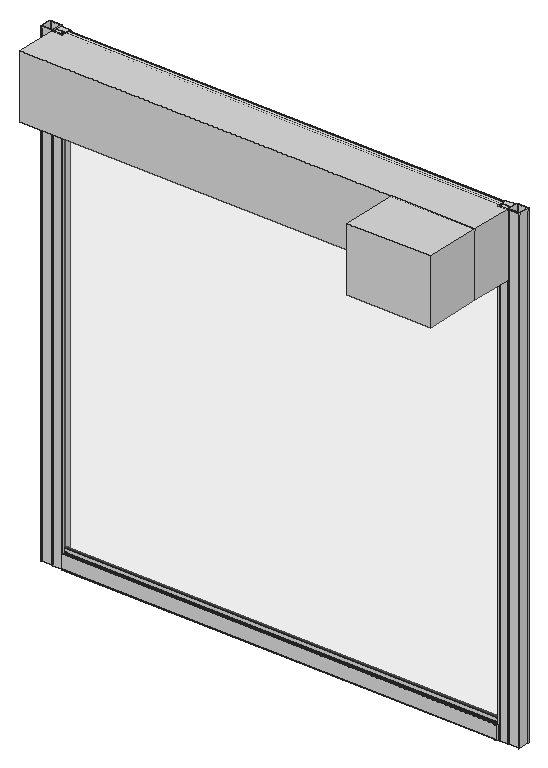
Revit family "Door-Sentry-Gate_BetweenJambMount_CornellIron", category Doors, host Wall, Revit 2013
Parameters (values of type "Motor Operated, Aluminium (Anodized Finish)")
  Revit Object Download Link = "http://cornellcookson.smartbim.com/download/Door_Sentry-Gate_BetweenJambMount_CornellIron"
  Push Up = no
  Product Options = "SG3 model ESG20, when countertop or compact components are desired. Black or white matte curtain components."  # constant formula
  Operator Width = Width + 0' 1 1/2" * 2  # 10' - 3"
  Mounting = "Between Jambs"  # constant formula
  Motor = yes
  Hand Crank = no
  URL Specifications = "http://www.cornelliron.com/docs/default-source/Specifications/specification-sentrygate-3-rolling-security-grilles-edited.docx?sfvrsn=3"
  URL Photographs = "http://www.cornelliron.com/inspiration-customization/project-gallery"
  URL CAD = "http://www.cornelliron.com/architect-tools-and-resources/drawing-generator"
  URL = "http://www.cornelliron.com/sentrygate.html"
  Subcategory = "Overhead Doors"  # constant formula
  Sizing Disclaimer = "Openings up to 21’ wide x 10’ high standard construction. Smaller / countertop SentryGate 3 model also available."  # constant formula
  Function = Interior
  Curtain - Rods 2" OC Standard = "Injection molded components with continuous metal rods spaced every two inches."  # constant formula
  Bottom Bar = Aluminum, anodized finish (non-curtain components)
  Guides = Aluminum, anodized finish (non-curtain components)
  Hood = Aluminum, anodized finish (non-curtain components)
  Optional aluminum, color anodized finish = no
  Operator = Operator : Motor Operated
  Representatives Disclaimer = "Cornell products are sold and installed through a nationwide network of independent distributors."  # constant formula
  Operation = ""
  From Coil Side Operate on Right = yes
  From Coil Side Operate on Left = not(From Coil Side Operate on Right)  # no
  Model = "ESG21"  # constant formula
  Manufacturer = "Cornell Iron Works"  # constant formula
  LEED Information = "http://www.cornelliron.com/architect-tools-and-resources/leed-information"
  Height = 10' - 0"
  Wall Closure = By host
  Width = 10' - 0"
  Distributor Locator = "http://www.cornelliron.com/contact-us"
  Description = "Grille product with unique, injection molded components and continuous metal rods. "  # constant formula
  Wall Construction = "Drywall, wood, masonry, steel"  # constant formula
  Coil Dimension Note = "11” to 14” - Consult Cornell when dimensions are critical."  # constant formula
  Crank Height = Height / 1.5  # 6' - 8"
  Assembly Code = "B2030410"
  95 CSI = "08330"  # constant formula
  Jamb Dimension Note = "5 1/2” to 6 1/2” wide. Consult Cornell when dimensions are critical."  # constant formula
  04 CSI = "08 33 00"  # constant formula
  Cost Note = "Based on size, materials selected. Consult Cornell."  # constant formula
Types (6): name | Push Up | Motor | Hand Crank | Bottom Bar | Guides | Hood | Operator | From Coil Side Operate on Right | From Coil Side Operate on Left
  Motor Operated, Aluminium (Anodized Finish) | no | yes | no | Aluminum, anodized finish (non-curtain components) | Aluminum, anodized finish (non-curtain components) | Aluminum, anodized finish (non-curtain components) | Operator : Motor Operated | yes | no
  Hand-Crank Operated, Aluminium (Anodized Finish) | no | no | yes | Aluminum, anodized finish (non-curtain components) | Aluminum, anodized finish (non-curtain components) | Aluminum, anodized finish (non-curtain components) | Operator : Hand-Crank | yes | no
  Push-Up Operated, Aluminium (Anodized Finish) | yes | no | no | Aluminum, anodized finish (non-curtain components) | Aluminum, anodized finish (non-curtain components) | Aluminum, anodized finish (non-curtain components) | Operator : Push-UP | yes | no
  Hand-Crank Operated, Aluminium (Mill Finish) | no | no | yes | Aluminum, mill finish (non curtain components) | Aluminum, mill finish (non curtain components) | Aluminum, mill finish (non curtain components) | Operator : Hand-Crank | no | yes
  Motor Operated, Aluminium (Mill Finish) | no | yes | no | Aluminum, mill finish (non curtain components) | Aluminum, mill finish (non curtain components) | Aluminum, mill finish (non curtain components) | Operator : Motor Operated | yes | no
  Push-Up Operated, Aluminium (Mill Finish) | yes | no | no | Aluminum, mill finish (non curtain components) | Aluminum, mill finish (non curtain components) | Aluminum, mill finish (non curtain components) | Operator : Push-UP | yes | no
Reference planes (in)
  plane 1 "Center (Front/Back)": y = 0
  plane 2 "Center (Left/Right)": x = 36
  plane 3 "Left": x = -24
  plane 4 "Right": x = 96
  plane 5 "Top": z = 120
  plane 6 "Wall Edge": y = -4.5
  plane 7: y = -4.5
  plane 8 "Top of Hood": z = 142.35156
  plane 9: z = 125
  plane 10 "Bottom Bar Alignment": y = -11.3765
  plane 11: z = 4.74985
  plane 12: x = -18.86
  plane 13: x = 90.85937
  plane 14: z = 4.75
  plane 15: z = 110.43656
  plane 16: y = -3.8755
  plane 17: z = 102
  plane 18: y = 3.5
Forms (in)
  Extrusion 1, solid, material "Aluminum, anodized finish (non-curtain components)" <- "Hood"
    sketch origin (0, 21.81732, 245.99245) x (1, 0, 0) y (0, 1, 0)
      loop
        line (-18.5, -19.44232) -> (90.5, -19.44232) -> (90.5, -19.31732) -> (-18.5, -19.31732) -> (-18.5, -19.44232)
    from -143.99245 to -125.99245
  Extrusion 2, solid, material "Aluminum, anodized finish (curtain only)"
    sketch origin (0, 5, 0) x (1, 0, 0) y (0, 1, 0)
      loop
        line (-18.86, -3.56029) -> (-18.86, -4.18529) -> (90.85937, -4.18529) -> (90.85937, -3.56029) -> (-18.86, -3.56029)
    from 4.74985 to 120
  Sweep 3, solid, material "Aluminum, anodized finish (non-curtain components)" <- "Bottom Bar"
    path origin (0, 0, 0) x (1, 0, 0) y (0, 1, 0)
      loop
        line (-18.5, 0.50171) -> (90.5, 0.50171)
    profile "Profile_BottomBar : Profile_BottomBar" origin (36, 0.50171, 0) x (0, 1, 0) y (0, 0, 1)
      loop
        line (1.24755, 3.5) -> (1.24755, 3.594) -> (1.13855, 3.594) -> (1.13855, 4.484)
        arc (1.13855, 4.484) -> (1.13127, 4.54582) -> (1.10981, 4.60425) r 0.266
        arc (1.10981, 4.60425) -> (1.0677, 4.66476) -> (1.0106, 4.71137) r 0.266
        arc (1.0106, 4.71137) -> (0.96199, 4.73451) -> (0.90972, 4.74739) r 0.266
        arc (0.90972, 4.74739) -> (0.83701, 4.74762) -> (0.76696, 4.72814) r 0.266
        arc (0.76696, 4.72814) -> (0.70918, 4.69392) -> (0.66182, 4.64632) r 0.266
        arc (0.66182, 4.64632) -> (0.62075, 4.56974) -> (0.60655, 4.484) r 0.266
        line (0.60655, 4.484) -> (0.60655, 3.594) -> (0.49755, 3.594) -> (0.49755, 3.5) -> (0.46655, 3.5) -> (0.46655, 3.625) -> (0.57555, 3.625) -> (0.57555, 3.688) -> (0.40355, 3.688)
        arc (0.40355, 3.688) -> (0.35971, 3.66984) -> (0.34155, 3.626) r 0.062
        line (0.34155, 3.626) -> (0.34155, 3.562)
        arc (0.34155, 3.562) -> (0.32339, 3.51816) -> (0.27955, 3.5) r 0.062
        line (0.27955, 3.5) -> (-0.06545, 3.5)
        arc (-0.06545, 3.5) -> (-0.10929, 3.48184) -> (-0.12745, 3.438) r 0.062
        line (-0.12745, 3.438) -> (-0.12745, 0.062)
        arc (-0.12745, 0.062) -> (-0.10929, 0.01816) -> (-0.06545, 0) r 0.062
        line (-0.06545, 0) -> (1.81055, 0)
        arc (1.81055, 0) -> (1.85439, 0.01816) -> (1.87255, 0.062) r 0.062
        line (1.87255, 0.062) -> (1.87255, 3.438)
        arc (1.87255, 3.438) -> (1.85439, 3.48184) -> (1.81055, 3.5) r 0.062
        line (1.81055, 3.5) -> (1.46555, 3.5)
        arc (1.46555, 3.5) -> (1.42171, 3.51816) -> (1.40355, 3.562) r 0.062
        line (1.40355, 3.562) -> (1.40355, 3.626)
        arc (1.40355, 3.626) -> (1.38539, 3.66984) -> (1.34155, 3.688) r 0.062
        line (1.34155, 3.688) -> (1.16955, 3.688) -> (1.16955, 3.625) -> (1.27855, 3.625) -> (1.27855, 3.5) -> (1.24755, 3.5)
Lines and regions (in)
  Opening 1
    outline origin (-90, -4.5, 0) x (1, 0, 0) y (0, 0, 1)
      loop
        line (66, 0) -> (186, 0) -> (186, 120) -> (66, 120) -> (66, 0)
  symbolic lines, style "Roller Chamber"
    curve 1: line (91.5, 0.50171, 0) -> (96, 0.50171, 0)
  symbolic lines, style "Doors"
    curve 2: line (90.5, 2.5, 0) -> (90.5, 2.375, 0)
    curve 3: line (90.85937, 1.43971, 0) -> (-18.5, 1.43971, 0)
    curve 4: line (-18.86, 1.43971, 0) -> (-18.86, 0.81471, 0)
    curve 5: line (-18.86, 0.81471, 0) -> (90.85937, 0.81471, 0)
    curve 6: line (90.85937, 0.81471, 0) -> (90.85937, 1.43971, 0)
    curve 7: line (-18.5, 2.375, 0) -> (90.5, 2.375, 0)
    curve 8: line (-18.5, 0.37426, 0) -> (-18.5, 0.81471, 0)
    curve 9: line (90.5, 0.37426, 0) -> (-18.5, 0.37426, 0)
    curve 10: line (90.5, 2.375, 0) -> (90.5, 1.43971, 0)
    curve 11: line (-18.5, 1.43971, 0) -> (-18.5, 2.375, 0)
    curve 12: line (90.5, 0.81471, 0) -> (90.5, 0.37426, 0)
Text (in)
  text "Exterior" at (-39.96733, 27.31104, 0), in view "Ref. Level"
  text "Interior" at (-39.96733, -25.14366, 0), in view "Ref. Level"
  text "Exterior" at (0, 40.15149, 123.01588), in view "Right"
  text "Interior" at (0, -64.39139, 123.01588), in view "Right"
  text "Interior" at (0, -63.63426, 123.00693), in view "Left"
  text "Exterior" at (0, 54.57065, 123.00693), in view "Left"
Dimensions and locks (in)
  equal spacing: plane 3 "Left", plane 2 "Center (Left/Right)", plane 4 "Right"
  "Height": level to plane 5 "Top"
  locked: plane 7 to plane 6 "Wall Edge"
  locked: plane 9 to plane 5 "Top" at 5
  locked: plane 8 "Top of Hood" to plane 9 at 17.35156
  plane 10 "Bottom Bar Alignment" to plane 7 = 0' - 6.8765"
  locked: level to plane 11 at 4.74985
  locked: plane 3 "Left" to plane 12 at 5.14
  locked: plane 13 to plane 4 "Right" at 5.14063
  locked: level to plane 14 at 4.75
  locked: plane 5 "Top" to plane 15 at 9.56344
  "Width": plane 3 "Left" to plane 4 "Right"
  locked: plane 17 to plane 5 "Top" at 18
  locked: Extrusion 1 sketch curve to Extrusion 1 sketch curve at 0.125
  locked: Extrusion 1 to Extrusion 1 at 0.125
  locked: Extrusion 2 sketch curve to Extrusion 2 sketch curve at 0.625
  plane 1 "Center (Front/Back)" to nested 3 = 0' - 0.50171"
  locked: Extrusion 1 sketch curve to nested 1 at 0.56637
  aligned and locked: plane 3 "Left" to Opening 1 sketch curve
  aligned and locked: plane 5 "Top" to Opening 1 sketch curve  (x2)
  aligned and locked: Opening 1 sketch curve to plane 4 "Right"
  aligned and locked: Opening 1 sketch curve to level
  aligned and locked: plane 6 "Wall Edge" to host wall
  aligned: host wall to curve 1
  aligned and locked: plane 12 to nested 1
  aligned and locked: nested 2 to nested 1
  aligned and locked: nested 2 to plane 4 "Right"
  aligned and locked: plane 4 "Right" to curve 1
  aligned and locked: plane 18 to host wall
  aligned and locked: plane 18 to nested 1
  aligned and locked: Extrusion 2 sketch curve to nested 1
  aligned and locked: plane 12 to Extrusion 2 sketch curve
  aligned and locked: Extrusion 2 sketch curve to plane 13
  aligned and locked: nested 1 to Extrusion 1 sketch curve
  aligned and locked: nested 2 to Extrusion 1 sketch curve
  aligned and locked: nested 3 to curve 1
  aligned and locked: nested 3 to nested 1
  aligned and locked: nested 3 to Sweep 3 sketch curve
  aligned and locked: Sweep 3 sketch curve to nested 2
  aligned and locked: Sweep 3 sketch curve to nested 1
  aligned and locked: plane 17 to Extrusion 1
  aligned and locked: Extrusion 1 to plane 5 "Top"
  aligned and locked: Extrusion 2 to plane 5 "Top"
  aligned and locked: plane 11 to Extrusion 2
  aligned and locked: nested 1 to level
  aligned and locked: level to nested 2
  aligned and locked: nested 3 to plane 5 "Top"
  aligned and locked: plane 2 "Center (Left/Right)" to nested 3
  aligned and locked: curve 2 to Extrusion 1
  aligned and locked: curve 3 to Extrusion 2
  aligned and locked: curve 4 to Extrusion 2
  aligned and locked: curve 5 to Extrusion 2
  aligned and locked: curve 6 to Extrusion 2
  aligned and locked: curve 7 to Extrusion 1
  aligned and locked: curve 8 to Extrusion 1
  aligned and locked: curve 9 to Sweep 3
  aligned and locked: curve 10 to Sweep 3
Automatic sketch dimensions
  curve 4 to plane 12 = 0' - 0"
  curve 5 to plane 13 = 0' - 0"
  curve 8 to curve 4 = 0' - 0.44045"
  curve 5 to curve 6 = 0' - 0 5/8"
  curve 7 to curve 2 = 0' - 0 1/8"
  curve 11 to plane 1 "Center (Front/Back)" = 0' - 1.43971"
  curve 10 to plane 1 "Center (Front/Back)" = 0' - 1.43971"
  curve 12 to plane 13 = 0' - 0 23/64"
  curve 12 to plane 1 "Center (Front/Back)" = 0' - 0.81471"
  curve 3 to plane 12 = 0' - 0.36"
  curve 4 to plane 1 "Center (Front/Back)" = 0' - 1.43971"
  curve 11 to plane 12 = 0' - 0.36"
  curve 8 to plane 1 "Center (Front/Back)" = 0' - 0.81471"
Nested families (in)
  nested 1: "Jamb_Guide-Wall" at (-21.75, 3.37671, 0), type "Guide"
  nested 2: "Jamb_Guide-Wall" at (93.75, 3.37671, 0) x (-1, 0, 0) z (0, 0, 1), type "Guide"
  nested 3: "Operator" at (36, -6.12329, -7.49623), type <- "Operator", type "Motor Operated"
    with Right Motor Visible no, Motor yes, Left Motor Visible no
Definition of nested family "Jamb_Guide-Wall"
  Parameters (values of type "Guide")
    Height = 10' - 0"
    Guide = Aluminum, anodized finish (non-curtain components)
    Assembly Code = ""
  Reference planes (in)
    plane 1 "Center (Front/Back)": y = 0
    plane 2: z = 0
    plane 3 "Center (Left/Right)": x = 0
    plane 4: z = 120
    plane 5: x = -2.25
    plane 6: y = -2.875
    plane 7: x = 3.25
    plane 8: y = -1.4375
  Forms (in)
    Extrusion 1, solid, material "Aluminum, anodized finish (non-curtain components)" <- "Guide"
      sketch origin (0, 0, 0) x (1, 0, 0) y (0, 1, 0)
        loop
          line (0.75, -2.875) -> (3.125, -2.875) -> (3.25, -2.813) -> (3.25, -2.562) -> (2.75, -2.562) -> (2.75, -2.766) -> (0.938, -2.766) -> (0.938, -1.73335) -> (2.75, -1.73335) -> (2.75, -1.938) -> (3.25, -1.938) -> (3.25, -0.436) -> (3.125, -0.374) -> (0.75, -0.374) -> (0.75, -2.875)
      from 0 to 120
    Extrusion 2, solid, material "Aluminum, anodized finish (non-curtain components)" <- "Guide"
      sketch origin (0, 0.25, 0) x (-1, 0, 0) y (0, -1, 0)
        loop
          line (-0.50842, 0.12671) -> (2.01014, 0.12671)
          arc (2.01014, 0.12671) -> (2.17975, 0.19697) -> (2.25, 0.36658) r 0.23986
          line (2.25, 0.36658) -> (2.25, 2.88514)
          arc (2.25, 2.88514) -> (2.17975, 3.05475) -> (2.01014, 3.125) r 0.23986
          line (2.01014, 3.125) -> (-0.50842, 3.125)
          arc (-0.50842, 3.125) -> (-0.67803, 3.05475) -> (-0.74829, 2.88514) r 0.23986
          line (-0.74829, 2.88514) -> (-0.74829, 0.36658)
          arc (-0.74829, 0.36658) -> (-0.67803, 0.19697) -> (-0.50842, 0.12671) r 0.23986
        loop
          line (-0.50842, 0.24664) -> (2.01014, 0.24664)
          arc (2.01014, 0.24664) -> (2.09494, 0.28177) -> (2.13007, 0.36658) r 0.11993
          line (2.13007, 0.36658) -> (2.13007, 2.88514)
          arc (2.13007, 2.88514) -> (2.09494, 2.96994) -> (2.01014, 3.00507) r 0.11993
          line (2.01014, 3.00507) -> (-0.50842, 3.00507)
          arc (-0.50842, 3.00507) -> (-0.59323, 2.96994) -> (-0.62836, 2.88514) r 0.11993
          line (-0.62836, 2.88514) -> (-0.62836, 0.36658)
          arc (-0.62836, 0.36658) -> (-0.59323, 0.28177) -> (-0.50842, 0.24664) r 0.11993
      from 0 to 120
  Lines and regions (in)
    Filled region 1, type "GA0363.dwg--6", in view "Ref. Level"
      outline origin (0, 0.25, 0) x (-1, 0, 0) y (0, -1, 0)
        loop
          line (-84.66667, -45.69605) -> (-84.83333, -45.69605) -> (-84.75, -46.19605) -> (-84.66667, -45.69605)
    Filled region 2, type "GA0363.dwg--6", in view "Ref. Level"
      outline origin (0, 0.25, 0) x (-1, 0, 0) y (0, -1, 0)
        loop
          line (-84.66667, -38.69605) -> (-84.75, -38.19605) -> (-84.83333, -38.69605) -> (-84.66667, -38.69605)
    Filled region 3, type "GA0363.dwg--6", in view "Ref. Level"
      outline origin (0, 0.25, 0) x (-1, 0, 0) y (0, -1, 0)
        loop
          line (-104.16667, -36.19605) -> (-104.25, -35.69605) -> (-104.33333, -36.19605) -> (-104.16667, -36.19605)
    Filled region 4, type "GA0363.dwg--6", in view "Ref. Level"
      outline origin (0, 0.25, 0) x (-1, 0, 0) y (0, -1, 0)
        loop
          line (-104.16667, -42.20005) -> (-104.33333, -42.20005) -> (-104.25, -42.70005) -> (-104.16667, -42.20005)
    Filled region 5, type "GA0363.dwg--6", in view "Ref. Level"
      outline origin (0, 0.25, 0) x (-1, 0, 0) y (0, -1, 0)
        loop
          line (-99.75, -49.33333) -> (-99.25, -49.25) -> (-99.75, -49.16667) -> (-99.75, -49.33333)
    Filled region 6, type "GA0363.dwg--6", in view "Ref. Level"
      outline origin (0, 0.25, 0) x (-1, 0, 0) y (0, -1, 0)
        loop
          line (-110.75, -49.33333) -> (-110.75, -49.16667) -> (-111.25, -49.25) -> (-110.75, -49.33333)
    Filled region 7, type "GA0363.dwg--6", in view "Ref. Level"
      outline origin (0, 0.25, 0) x (-1, 0, 0) y (0, -1, 0)
        loop
          line (-113.66667, -36.19605) -> (-113.75, -35.69605) -> (-113.83333, -36.19605) -> (-113.66667, -36.19605)
    Filled region 8, type "GA0363.dwg--6", in view "Ref. Level"
      outline origin (0, 0.25, 0) x (-1, 0, 0) y (0, -1, 0)
        loop
          line (-113.66667, -47.19605) -> (-113.83333, -47.19605) -> (-113.75, -47.69605) -> (-113.66667, -47.19605)
    Filled region 9, type "GA0363.dwg--6", in view "Ref. Level"
      outline origin (0, 0.25, 0) x (-1, 0, 0) y (0, -1, 0)
        loop
          line (-99.25, -32.19605) -> (-99.62924, -31.85972) -> (-99.71782, -32.00089) -> (-99.25, -32.19605)
    symbolic lines, style "GenericModel"
      curve 1: line (1.02, -0.499, 0) -> (0.938, -0.499, 0)
      curve 2: line (0.938, -0.499, 0) -> (0.938, -0.624, 0)
      curve 3: line (0.938, -0.624, 0) -> (0.87494, -0.624, 0)
      curve 4: line (0.87494, -0.624, 0) -> (0.87494, -1.50007, 0)
      curve 5: arc (0.87494, -1.50007, 0) -> (0.91158, -1.58852, 0) -> (1.00003, -1.62516, 0) r 0.12509
      curve 6: line (1.00003, -1.62516, 0) -> (2.93794, -1.62516, 0)
      curve 7: arc (2.93794, -1.62516, 0) -> (2.98191, -1.64337, 0) -> (3.00012, -1.68735, 0) r 0.06219
      curve 8: line (3.00012, -1.68735, 0) -> (3.125, -1.68735, 0)
      curve 9: line (3.125, -1.68735, 0) -> (3.125, -1.62435, 0)
      curve 10: line (3.125, -1.62435, 0) -> (3.25, -1.68735, 0)
      curve 11: arc (3.2035, -1.66391, 0) -> (3.2345, -1.66391, 0) -> (3.25, -1.63706, 0) r 0.031
      curve 12: line (3.063, -1.6657, 0) -> (3.125, -1.6657, 0)
      curve 13: line (3.063, -1.56201, 0) -> (3.063, -1.6657, 0)
      curve 14: arc (3.1095, -1.53516, 0) -> (3.0785, -1.53516, 0) -> (3.063, -1.56201, 0) r 0.031
      curve 15: line (3.1415, -1.55364, 0) -> (3.1095, -1.53516, 0)
      curve 16: arc (3.188, -1.52679, 0) -> (3.1725, -1.55364, 0) -> (3.1415, -1.55364, 0) r 0.031
      curve 17: line (3.188, -0.4738, 0) -> (3.188, -1.52679, 0)
      curve 18: line (3.11047, -0.43535, 0) -> (3.188, -0.4738, 0)
      curve 19: line (3.188, -1.87535, 0) -> (3.188, -1.81035, 0)
      curve 20: line (3.188, -1.81035, 0) -> (2.812, -1.81035, 0)
      curve 21: line (2.812, -1.81035, 0) -> (2.812, -1.87535, 0)
      curve 22: line (2.812, -1.87535, 0) -> (2.89, -1.87535, 0)
      curve 23: line (2.89, -1.87535, 0) -> (2.89, -1.938, 0)
      curve 24: line (2.89, -1.938, 0) -> (2.75, -1.938, 0)
      curve 25: line (2.75, -1.938, 0) -> (2.75, -1.73335, 0)
      curve 26: line (2.75, -1.73335, 0) -> (0.938, -1.73335, 0)
      curve 27: line (0.938, -1.73335, 0) -> (0.938, -2.766, 0)
      curve 28: line (0.938, -2.766, 0) -> (2.75, -2.766, 0)
      curve 29: line (2.75, -2.766, 0) -> (2.75, -2.562, 0)
      curve 30: line (2.75, -2.562, 0) -> (2.89, -2.562, 0)
      curve 31: line (2.89, -2.562, 0) -> (2.89, -2.62335, 0)
      curve 32: line (2.89, -2.62335, 0) -> (2.812, -2.62335, 0)
      curve 33: line (2.812, -2.62335, 0) -> (2.812, -2.68835, 0)
      curve 34: line (2.812, -2.68835, 0) -> (2.89, -2.68835, 0)
      curve 35: line (2.89, -2.68835, 0) -> (2.89, -2.76535, 0)
      curve 36: line (2.89, -2.76535, 0) -> (3.11, -2.76535, 0)
      curve 37: line (3.11, -2.76535, 0) -> (3.11, -2.68835, 0)
      curve 38: line (3.11, -2.68835, 0) -> (3.188, -2.68835, 0)
      curve 39: line (3.188, -2.68835, 0) -> (3.188, -2.62335, 0)
      curve 40: line (3.188, -2.62335, 0) -> (3.11, -2.62335, 0)
      curve 41: line (3.11, -2.62335, 0) -> (3.11, -2.562, 0)
      curve 42: line (3.11, -1.87535, 0) -> (3.188, -1.87535, 0)
      curve 43: line (1.02, -0.51135, 0) -> (0.958, -0.51135, 0)
      curve 44: line (0.958, -0.51135, 0) -> (0.958, -0.56135, 0)
      curve 45: arc (0.958, -0.56135, 0) -> (0.98749, -0.61414, 0) -> (1.0479, -0.61671, 0) r 0.062
      curve 46: line (1.0479, -0.61671, 0) -> (1.1729, -0.55371, 0)
      curve 47: arc (1.1729, -0.55371, 0) -> (1.19779, -0.53086, 0) -> (1.207, -0.49835, 0) r 0.062
      curve 48: line (1.145, -0.49835, 0) -> (1.02, -0.56135, 0)
      curve 49: line (1.145, -0.374, 0) -> (1.145, -0.49835, 0)
      curve 50: line (1.207, -0.49835, 0) -> (1.207, -0.43535, 0)
      curve 51: line (1.207, -0.43535, 0) -> (3.11047, -0.43535, 0)
      curve 52: line (3.11, -1.938, 0) -> (3.11, -1.87535, 0)
      curve 53: line (1.02, -0.56135, 0) -> (1.02, -0.499, 0)
    symbolic lines
      curve 54: line (-2.25, -0.11658, 0) -> (-2.25, -2.63514, 0)
      curve 55: line (-2.13007, -2.63514, 0) -> (-2.13007, -0.11658, 0)
      curve 56: line (0.50842, -2.75507, 0) -> (-2.01014, -2.75507, 0)
      curve 57: line (-2.01014, -2.875, 0) -> (0.50842, -2.875, 0)
      curve 58: line (0.50842, 0.12329, 0) -> (-2.01014, 0.12329, 0)
      curve 59: line (-2.01014, 0.00336, 0) -> (0.50842, 0.00336, 0)
      curve 60: line (0.62836, -0.11658, 0) -> (0.62836, -2.63514, 0)
      curve 61: line (0.74829, -2.63514, 0) -> (0.74829, -0.11658, 0)
      curve 62: arc (-2.01014, 0.12329, 0) -> (-2.17975, 0.05303, 0) -> (-2.25, -0.11658, 0) r 0.23986
      curve 63: arc (-2.13007, -0.11658, 0) -> (-2.09494, -0.03177, 0) -> (-2.01014, 0.00336, 0) r 0.11993
      curve 64: arc (0.74829, -0.11658, 0) -> (0.67803, 0.05303, 0) -> (0.50842, 0.12329, 0) r 0.23986
      curve 65: arc (0.50842, 0.00336, 0) -> (0.59323, -0.03177, 0) -> (0.62836, -0.11658, 0) r 0.11993
      curve 66: arc (-2.25, -2.63514, 0) -> (-2.17975, -2.80475, 0) -> (-2.01014, -2.875, 0) r 0.23986
      curve 67: arc (-2.01014, -2.75507, 0) -> (-2.09494, -2.71994, 0) -> (-2.13007, -2.63514, 0) r 0.11993
      curve 68: arc (0.50842, -2.875, 0) -> (0.67803, -2.80475, 0) -> (0.74829, -2.63514, 0) r 0.23986
      curve 69: arc (0.62836, -2.63514, 0) -> (0.59323, -2.71994, 0) -> (0.50842, -2.75507, 0) r 0.11993
      curve 70: line (0.75, -2.875, 0) -> (3.125, -2.875, 0)
      curve 71: line (3.125, -2.875, 0) -> (3.25, -2.813, 0)
      curve 72: line (3.25, -2.813, 0) -> (3.25, -2.562, 0)
      curve 73: line (0.75, -0.374, 0) -> (0.75, -2.875, 0)
      curve 74: line (3.125, -0.374, 0) -> (0.75, -0.374, 0)
      curve 75: line (3.25, -0.436, 0) -> (3.125, -0.374, 0)
      curve 76: line (3.25, -1.938, 0) -> (3.25, -0.436, 0)
      curve 77: line (2.75, -1.938, 0) -> (3.25, -1.938, 0)
      curve 78: line (3.25, -2.562, 0) -> (2.75, -2.562, 0)
      curve 79: line (2.75, -2.562, 0) -> (2.75, -2.766, 0)
      curve 80: line (2.75, -1.73335, 0) -> (2.75, -1.938, 0)
  Dimensions and locks (in)
    "Height": plane 4 to plane 2
    equal spacing: plane 6, plane 8, plane 1 "Center (Front/Back)"
    plane 5 to plane 3 "Center (Left/Right)" to plane 7 = 0' - 2 1/4" locked, 0' - 3 1/4" locked
    aligned and locked: plane 2 to level
    aligned and locked: plane 4 to Extrusion 1
    aligned and locked: plane 4 to Extrusion 2
    aligned: plane 5 to Extrusion 2
    aligned: plane 6 to Extrusion 2
    aligned and locked: plane 7 to Extrusion 1
    aligned and locked: curve 24 to Extrusion 1
    aligned and locked: curve 30 to Extrusion 1
    aligned and locked: curve 28 to Extrusion 1
    aligned and locked: Extrusion 1 to curve 26
    aligned and locked: Extrusion 2 sketch curve to plane 5
    aligned and locked: plane 6 to Extrusion 2
    aligned and locked: curve 54 to Extrusion 2
    aligned and locked: curve 55 to Extrusion 2
    aligned and locked: curve 56 to Extrusion 2
    aligned and locked: curve 57 to Extrusion 2
    aligned and locked: curve 58 to Extrusion 2
    aligned and locked: curve 59 to Extrusion 2
    aligned and locked: curve 60 to Extrusion 2
    aligned and locked: curve 61 to Extrusion 2
    aligned and locked: curve 62 to Extrusion 2
    aligned and locked: curve 63 to Extrusion 2
    aligned and locked: curve 64 to Extrusion 2
    aligned and locked: curve 65 to Extrusion 2
    aligned and locked: curve 66 to Extrusion 2
    aligned and locked: curve 67 to Extrusion 2
    aligned and locked: curve 68 to Extrusion 2
    aligned and locked: curve 69 to Extrusion 2
    aligned and locked: curve 70 to Extrusion 1
    aligned and locked: curve 71 to Extrusion 1
    aligned and locked: curve 72 to Extrusion 1
    aligned and locked: curve 73 to Extrusion 1
    aligned and locked: curve 74 to Extrusion 1
    aligned and locked: curve 75 to Extrusion 1
    aligned and locked: curve 76 to Extrusion 1
    aligned and locked: curve 77 to Extrusion 1
    aligned and locked: curve 78 to Extrusion 1
    aligned and locked: curve 79 to Extrusion 1
    aligned and locked: curve 80 to Extrusion 1
  Automatic sketch dimensions
    curve 11 to curve 11 = 0' - 0.031"
    curve 11 to curve 11 = 0' - 0.0155"
    curve 39 to plane 7 = 0' - 0.062"
    curve 42 to plane 7 = 0' - 0.062"
    curve 18 to plane 7 = 0' - 0.062"
    curve 16 to curve 16 = 0' - 0.031"
    curve 16 to curve 16 = 0' - 0.0155"
    curve 9 to curve 16 = 0' - 0.0165"
    curve 41 to curve 37 = 0' - 0"
    curve 52 to curve 19 = 0' - 0.078"
    curve 14 to curve 16 = 0' - 0.032"
    curve 14 to curve 14 = 0' - 0.0155"
    curve 14 to curve 14 = 0' - 0.031"
    curve 8 to curve 12 = 0' - 0.06288"
    curve 7 to curve 7 = 0' - 0.06219"
    curve 34 to curve 31 = 0' - 0"
    curve 22 to curve 7 = 0' - 0.04794"
    curve 33 to curve 34 = 0' - 0.078"
    curve 28 to curve 33 = 0' - 0.062"
    curve 26 to curve 20 = 0' - 0.062"
    curve 47 to curve 47 = 0' - 0.0341"
    plane 1 "Center (Front/Back)" to curve 48 = 0' - 0.49835"
    curve 48 to curve 46 = 0' - 0.0279"
    curve 47 to curve 48 = 0' - 0"
    curve 45 to curve 47 = 0' - 0 1/8"
    curve 53 to curve 46 = 0' - 0.0279"
    curve 45 to curve 48 = 0' - 0"
    plane 8 to curve 5 = 0' - 0.06257"
    curve 5 to curve 45 = 0' - 0.04788"
    curve 44 to curve 43 = 0' - 0.062"
    curve 27 to curve 6 = 0' - 0.06203"
    curve 3 to curve 45 = 0' - 0.02"
    curve 5 to curve 5 = 0' - 0.12509"
    curve 36 to curve 38 = 0' - 0.077"
    curve 35 to curve 34 = 0' - 0.077"
    curve 38 to curve 40 = 0' - 0.065"
    curve 33 to curve 33 = 0' - 0.065"
    curve 24 to curve 22 = 0' - 0.06265"
    curve 52 to curve 42 = 0' - 0.06265"
    curve 19 to curve 20 = 0' - 0.065"
    curve 8 to curve 10 = 0' - 0"
    curve 8 to curve 13 = 0' - 0.02164"
    curve 10 to curve 11 = 0' - 0 3/128"
    curve 9 to curve 14 = 0' - 0.06234"
    curve 15 to curve 14 = 0' - 0.01848"
    curve 2 to curve 47 = 0' - 0.12565"
    curve 2 to curve 46 = 0' - 0.00729"
    curve 48 to curve 45 = 0' - 0"
    curve 45 to curve 43 = 0' - 0.05"
    curve 43 to curve 2 = 0' - 0.01235"
    curve 17 to curve 51 = 0' - 0.03846"
    curve 50 to curve 49 = 0' - 0.06135"
    plane 6 to Extrusion 1 sketch curve = 0' - 0"
    Extrusion 1 sketch curve to plane 7 = 0' - 0"  (x2)
    Extrusion 1 sketch curve to plane 7 = 0' - 0 1/8"  (x2)
    Extrusion 1 sketch curve to plane 6 = 0' - 0.109"
    Extrusion 1 sketch curve to Extrusion 1 sketch curve = 0' - 0 3/8"
    Extrusion 1 sketch curve to plane 7 = 0' - 0 1/2"
    plane 8 to Extrusion 1 sketch curve = 0' - 0.29585"
    plane 3 "Center (Left/Right)" to Extrusion 1 sketch curve = 0' - 0.938"
    Extrusion 1 sketch curve to Extrusion 1 sketch curve = 0' - 0.188"
    Extrusion 1 sketch curve to plane 6 = 0' - 0.062"
    Extrusion 1 sketch curve to Extrusion 1 sketch curve = 0' - 0.204"
    plane 8 to Extrusion 1 sketch curve = 0' - 0.5005"
    plane 1 "Center (Front/Back)" to Extrusion 1 sketch curve = 0' - 0.436"
    plane 1 "Center (Front/Back)" to Extrusion 1 sketch curve = 0' - 0.374"
    plane 7 to Filled region 1 sketch curve = 6' - 9.58333"
    Filled region 1 sketch curve to Filled region 1 sketch curve = 0' - 0"  (x6)
    Filled region 1 sketch curve to Filled region 1 sketch curve = 0' - 0.08333"
    Filled region 1 sketch curve to Filled region 1 sketch curve = 0' - 0.16667"
    Filled region 1 sketch curve to plane 1 "Center (Front/Back)" = 3' - 10.44605"
    Filled region 1 sketch curve to Filled region 1 sketch curve = 0' - 0 1/2"
    Filled region 2 sketch curve to plane 1 "Center (Front/Back)" = 3' - 2.94605"  (x3)
    plane 7 to Filled region 2 sketch curve = 6' - 9.58333"
    Filled region 2 sketch curve to Filled region 2 sketch curve = 0' - 0"  (x3)
    Filled region 2 sketch curve to plane 1 "Center (Front/Back)" = 3' - 2.44605"  (x2)
    Filled region 2 sketch curve to Filled region 2 sketch curve = 0' - 0.08333"
    Filled region 2 sketch curve to Filled region 2 sketch curve = 0' - 0.16667"
    Filled region 3 sketch curve to plane 1 "Center (Front/Back)" = 3' - 0.44605"  (x3)
    plane 7 to Filled region 3 sketch curve = 8' - 5.08333"
    Filled region 3 sketch curve to Filled region 3 sketch curve = 0' - 0"  (x3)
    Filled region 3 sketch curve to plane 1 "Center (Front/Back)" = 2' - 11.94605"  (x2)
    Filled region 3 sketch curve to Filled region 3 sketch curve = 0' - 0.08333"
    Filled region 3 sketch curve to Filled region 3 sketch curve = 0' - 0.16667"
    Filled region 4 sketch curve to plane 1 "Center (Front/Back)" = 3' - 6.45005"  (x3)
    plane 7 to Filled region 4 sketch curve = 8' - 5.08333"
    Filled region 4 sketch curve to Filled region 4 sketch curve = 0' - 0"  (x3)
    Filled region 4 sketch curve to plane 1 "Center (Front/Back)" = 3' - 6.95005"  (x2)
    Filled region 4 sketch curve to Filled region 4 sketch curve = 0' - 0.08333"
    Filled region 4 sketch curve to Filled region 4 sketch curve = 0' - 0.16667"
    plane 7 to Filled region 5 sketch curve = 8' - 0 1/2"
    Filled region 5 sketch curve to Filled region 5 sketch curve = 0' - 0"  (x6)
    Filled region 5 sketch curve to Filled region 5 sketch curve = 0' - 0 1/2"
    Filled region 5 sketch curve to plane 1 "Center (Front/Back)" = 4' - 1.58333"
    Filled region 5 sketch curve to Filled region 5 sketch curve = 0' - 0.08333"
    Filled region 5 sketch curve to Filled region 5 sketch curve = 0' - 0.16667"
    Filled region 6 sketch curve to plane 1 "Center (Front/Back)" = 4' - 1 1/2"  (x2)
    plane 7 to Filled region 6 sketch curve = 9' - 0"
    Filled region 6 sketch curve to Filled region 6 sketch curve = 0' - 0"  (x5)
    Filled region 6 sketch curve to plane 1 "Center (Front/Back)" = 4' - 1.41667"
    Filled region 6 sketch curve to Filled region 6 sketch curve = 0' - 0 1/2"
    Filled region 6 sketch curve to plane 1 "Center (Front/Back)" = 4' - 1.58333"
    Filled region 7 sketch curve to plane 1 "Center (Front/Back)" = 3' - 0.44605"  (x3)
    plane 7 to Filled region 7 sketch curve = 9' - 2.58333"
    Filled region 7 sketch curve to Filled region 7 sketch curve = 0' - 0"  (x3)
    Filled region 7 sketch curve to plane 1 "Center (Front/Back)" = 2' - 11.94605"  (x2)
    Filled region 7 sketch curve to Filled region 7 sketch curve = 0' - 0.08333"
    Filled region 7 sketch curve to Filled region 7 sketch curve = 0' - 0.16667"
    Filled region 8 sketch curve to plane 1 "Center (Front/Back)" = 3' - 11.44605"  (x3)
    plane 7 to Filled region 8 sketch curve = 9' - 2.58333"
    Filled region 8 sketch curve to Filled region 8 sketch curve = 0' - 0"  (x3)
    Filled region 8 sketch curve to plane 1 "Center (Front/Back)" = 3' - 11.94605"  (x2)
    Filled region 8 sketch curve to Filled region 8 sketch curve = 0' - 0.08333"
    Filled region 8 sketch curve to Filled region 8 sketch curve = 0' - 0.16667"
    Filled region 9 sketch curve to plane 1 "Center (Front/Back)" = 2' - 8.25089"  (x2)
    plane 7 to Filled region 9 sketch curve = 8' - 0.46782"
    Filled region 9 sketch curve to Filled region 9 sketch curve = 0' - 0"  (x3)
    Filled region 9 sketch curve to plane 1 "Center (Front/Back)" = 2' - 8.10972"  (x2)
    Filled region 9 sketch curve to Filled region 9 sketch curve = 0' - 0.08858"
    Filled region 9 sketch curve to plane 1 "Center (Front/Back)" = 2' - 8.44605"  (x2)
    Filled region 9 sketch curve to Filled region 9 sketch curve = 0' - 0.46782"
    Extrusion 2 sketch curve to Extrusion 2 sketch curve = 0' - 0"  (x7)
    plane 6 to Extrusion 2 sketch curve = 0' - 0"
    plane 5 to Extrusion 2 sketch curve = 0' - 0.11993"
    Extrusion 2 sketch curve to Extrusion 2 sketch curve = 0' - 0.11993"  (x2)
    Extrusion 2 sketch curve to plane 1 "Center (Front/Back)" = 0' - 0.00336"
    plane 3 "Center (Left/Right)" to Extrusion 2 sketch curve = 0' - 0.50842"  (x2)
    plane 1 "Center (Front/Back)" to Extrusion 2 sketch curve = 0' - 0.11658"
    curve 54 to plane 5 = 0' - 0"
    plane 1 "Center (Front/Back)" to curve 54 = 0' - 0.11658"
    plane 6 to curve 57 = 0' - 0"
    curve 57 to curve 56 = 0' - 0"
    curve 59 to plane 1 "Center (Front/Back)" = 0' - 0.00336"
    curve 59 to curve 58 = 0' - 0"
    curve 56 to plane 6 = 0' - 0.11993"
    curve 56 to curve 27 = 0' - 0.42958"
    curve 56 to curve 60 = 0' - 0.11993"
    curve 56 to curve 55 = 0' - 0.11993"
    curve 60 to curve 61 = 0' - 0"
    curve 54 to curve 55 = 0' - 0"
    plane 1 "Center (Front/Back)" to curve 60 = 0' - 0.11658"
    plane 1 "Center (Front/Back)" to curve 61 = 0' - 0.11658"
    curve 70 to curve 27 = 0' - 0.188"
    curve 36 to curve 70 = 0' - 0.015"
    curve 39 to curve 72 = 0' - 0.06135"
    curve 64 to curve 65 = 0' - 0"
    curve 68 to curve 69 = 0' - 0"
    curve 1 to curve 73 = 0' - 0 1/8"
    curve 18 to curve 74 = 0' - 0.01453"
Definition of nested family "Operator"
  Parameters (values of type "Motor Operated")
    Width = 10' - 3"
    Roller Chamber = Aluminum, anodized finish (non-curtain components)
    Right Motor Visible = not(Motor)  # yes
    Right = yes
    Pull = no
    Operator Height = Height / 1.5  # 6' - 8"
    Motor = no
    Line = no
    Left Motor Visible = not(Motor)  # yes
    Left = no
    Hood Visibility = no
    Height = 10' - 0"
    Hand Crank = no
    Assembly Code = ""
  Types (3): name | Pull | Line | Left | Hood Visibility
    Hand-Crank | no | yes | no | yes
    Push-UP | yes | yes | yes | yes
    Motor Operated | no | no | no | no
  Reference planes (in)
    plane 1 "Center (Front/Back)": y = 0
    plane 2: z = 0
    plane 3 "Center (Left/Right)": x = 0
    plane 4: x = -61.5
    plane 5: x = 61.5
    plane 6: z = 120
    plane 7: y = 8.5
    plane 8: z = 111.49623
    plane 9: x = -42.75
    plane 10: x = 42.75
    plane 11: y = -27.30859
    plane 12: y = -12
    plane 13: y = 6.625
    plane 14: x = -57
    plane 15: x = 57
    plane 16: y = 6.625
  Forms (in)
    Sweep 1, solid, material "Aluminum, anodized finish (non-curtain components)" <- "Roller Chamber"
      path origin (-42.75, -180, 111.49623) x (0, -1, 0) y (1, 0, 0)
        loop
          line (-188.5, -14.25) -> (-188.5, 99.75)
      profile "Profile_Hood : Profile_Hood" origin (0, 8.5, 111.49623) x (0, 1, 0) y (0, 0, 1)
        loop
          line (0, 16) -> (-12, 16) -> (-12, 0) -> (0, 0) -> (0, 16)
  Lines and regions (in)
    symbolic lines, style "Dashed Line"
      curve 1: line (-57, 6.625, 0) -> (-57, -3.5, 0)
      curve 3: line (57, -3.5, 0) -> (57, 6.625, 0)
    symbolic lines, style "Dashed Line", visible <- "Right"
      curve 2: line (-57, -3.5, 0) -> (36, -3.5, 0)
    symbolic lines, style "Dashed Line", visible <- "Left"
      curve 4: line (-36, -3.5, 0) -> (57, -3.5, 0)
    symbolic lines, style "Dashed Line", visible <- "Line"
      curve 5: line (-57, -3.5, 0) -> (57, -3.5, 0)
    symbolic lines, style "GenericModelHiddenLines", visible <- "Right Motor Visible"
      curve 6: line (36, -3.5, 0) -> (57, -3.5, 0)
    symbolic lines, style "GenericModelHiddenLines", visible <- "Left Motor Visible"
      curve 7: line (-57, -3.5, 0) -> (-36, -3.5, 0)
  Dimensions and locks (in)
    equal spacing: plane 4, plane 3 "Center (Left/Right)", plane 5
    "Width": plane 4 to plane 5
    "Height": plane 6 to level
    locked: plane 7 to plane 1 "Center (Front/Back)" at 8.5
    locked: plane 6 to plane 8 at 8.50377
    locked: plane 7 to plane 11 at 35.80859
    locked: plane 7 to plane 13 at 1.875
    locked: plane 15 to plane 5 at 4.5
    locked: plane 4 to plane 14 at 4.5
    locked: plane 7 to curve 1 at 1.875
    locked: plane 7 to curve 3 at 1.875
    locked: plane 16 to Sweep 1 at 1.875
    Sweep 1 to Sweep 1 = 1' - 4"
    aligned and locked: nested 2 to plane 6
    aligned and locked: plane 7 to Sweep 1 sketch curve
    aligned and locked: Sweep 1 to nested 1  (x2)
    aligned and locked: plane 6 to nested 1
    aligned and locked: plane 14 to Sweep 1 sketch curve
    aligned and locked: plane 15 to Sweep 1 sketch curve
    aligned and locked: nested 2 to plane 14
    aligned and locked: nested 2 to curve 2
    aligned and locked: curve 1 to plane 14
    aligned and locked: nested 2 to curve 4
    aligned and locked: curve 4 to nested 1
    aligned and locked: plane 14 to curve 5
    aligned and locked: plane 15 to curve 5
    aligned and locked: nested 1 to curve 6
    aligned and locked: Sweep 1 to nested 2
  Nested families (in)
    nested 1: "Pull-Down-Pole" at (62.875, 0.99148, 40), visible <- "Right", type "Pull"
      with Motor no, Hood Visibility no, Hand Crank no
    nested 2: "Pull-Down-Pole" at (-62.875, 0.99148, 40) x (-1, 0, 0) z (0, 0, 1), visible <- "Left", type "Pull"
      with Motor no, Hood Visibility no, Hand Crank no
